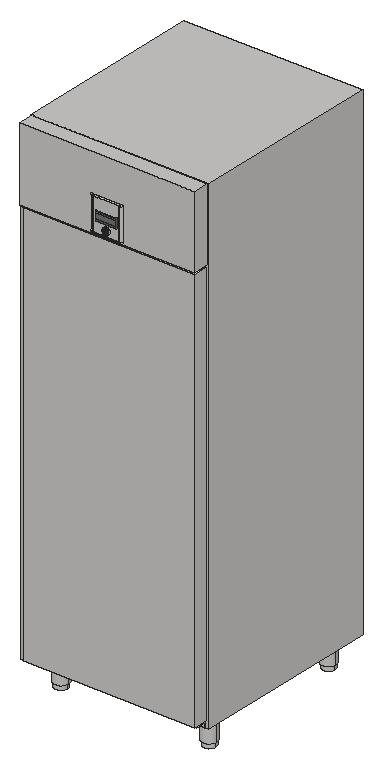
Revit family "QF_ELECTROLUXPROFESSIONAL_725391_REX71FRH", category Specialty Equipment, Revit 2018
Family settings
  Round Connector Dimension = Use Diameter
  Part Type = Normal
  Work Plane-Based = No
  Always vertical = Yes
  Cut with Voids When Loaded = No
  Shared = No
  Room Calculation Point = No
Parameters (values of type "Standard")
  Weight = 106.00 kg
  Watts = 0 W
  Volts = 220 V
  URL Manufacturer = "http://professional.electrolux.com"
  URL = "http://professional.electrolux.com"
  Steam Supply Size = 0 mm
  Steam Supply Minimum Pressure = 0.0 Pa
  Steam Supply Maximum Pressure = 0.0 Pa
  Steam Pounds per Hour = 0
  Refrigeration Suction Line Size = 0 mm
  Refrigeration Liquid Line Size = 0 mm
  Refrigerant Compressor Remote = yes
  Manufacturer = "Electrolux Professional"
  Phase = 1
  Model = "REX71FRH"
  Length Actual = 710 mm  # constant formula
  Item Number = "725391"
  Hot Water Size = 0 mm
  Height Actual = 2050 mm  # constant formula
  HP = "0.3 HP"
  Gas Size = 0 mm
  Gas KW = 0
  Gas Input Pressure = 0 W
  Direct Waste Size = 0 mm
  Description = "1-DOOR REFRIGERATOR 670L -2+10°C, DIGITAL WITH LIGHT, A304 - R290"
  Depth Actual = 835 mm  # constant formula
  Cycle = 50 Hz
  Condensate Return Size = 0 mm
  Compressed Air Volume = 0.0 L/s
  Compressed Air Size = 0 mm
  Compressed Air Pressure = 0.0 Pa
  Cold Water Size = 0 mm
  Accessory = yes
Reference planes
  plane 1 "Center (Front/Back)": y = 0
  plane 2: z = 0
  plane 3 "Center (Left/Right)": x = 0
  plane 4 "BASE": z = 110
  plane 5 "TOP": z = 2050
  plane 6 "FRONT": y = -417.5
  plane 7 "BACK": y = 417.5
  plane 8 "LEFT": x = -355
  plane 9 "RIGHT": x = 355
Forms (mm)
  Extrusion 1, solid, material "QF_Finishes_Stainless Steel"
    sketch origin (0, 0, 0) x (1, 0, 0) y (0, 1, 0)
      loop
        circle (-278, 344.5) r 25
      loop
        circle (278, 344.5) r 25
      loop
        circle (-295, -269.5) r 25
      loop
        circle (295, -269.5) r 25
    from 0 to 20
  Extrusion 2, solid, material "QF_Finishes_Stainless Steel"
    sketch origin (0, 0, 0) x (1, 0, 0) y (0, 1, 0)
      loop
        circle (-278, 344.5) r 30
      loop
        circle (278, 344.5) r 30
      loop
        circle (295, -269.5) r 30
      loop
        circle (-295, -269.5) r 30
    from 20 to 110
  Extrusion 3, solid, material "QF_Finishes_Stainless Steel"
    sketch origin (0, 0, 110) x (-1, 0, 0) y (0, -1, 0)
      loop
        line (355, -417.5) -> (355, 345.5) -> (-355, 345.5) -> (-355, -417.5) -> (355, -417.5)
    from 0 to 1940
  Extrusion 4, solid
    sketch origin (0, 417.5, 1660) x (-1, 0, 0) y (0, 0, 1)
      loop
        circle (339, 124) r 10
    from 0 to 3.2
  Extrusion 5, solid, material "QF_Door-Drawer Clearances", detail levels coarse
    sketch origin (0, 0, 110) x (-1, 0, 0) y (0, -1, 0)
      loop
        line (-347, 409.5) -> (-283, 409.5) -> (-283, 1006.5) -> (-301, 1006.5) -> (-301, 1024.5) -> (-323, 1024.5) -> (-323, 1062.5) -> (-347, 1062.5) -> (-347, 409.5)
    from 1642.965 to 28
  Extrusion 6, solid, material "QF_Door-Drawer Clearances", detail levels coarse
    sketch origin (0, 0, 110) x (-1, 0, 0) y (0, -1, 0)
      loop
        line (-283, 409.5) -> (347, 409.5)
        arc (347, 409.5) -> (150.684, 878.295) -> (-323, 1062.5) r 650
        line (-323, 1062.5) -> (-323, 1024.5) -> (-301, 1024.5) -> (-301, 1006.5) -> (-283, 1006.5) -> (-283, 409.5)
    from 1642.965 to 28
  Extrusion 7, solid, material "QF_Clearances", detail levels coarse
    sketch origin (0, 0, 110) x (-1, 0, 0) y (0, -1, 0)
      loop
        line (355, 417.5) -> (355, -417.5) -> (-355, -417.5) -> (-355, 417.5) -> (-375, 417.5) -> (-375, -447.5) -> (375, -447.5) -> (375, 417.5) -> (355, 417.5)
    from -110 to 1940
  Extrusion 8, solid, material "QF_Clearances", detail levels coarse
    sketch origin (0, 0, 2050) x (-1, 0, 0) y (0, -1, 0)
      loop
        line (375, -447.5) -> (375, 417.5) -> (-375, 417.5) -> (-375, -447.5) -> (375, -447.5)
    from 0 to 500
  Extrusion 9, void
    sketch origin (0, 417.5, 0) x (-1, 0, 0) y (0, 0, 1)
      loop
        line (280, 1724.965) -> (-280, 1724.965) -> (-280, 180) -> (0, 170) -> (280, 179.676) -> (280, 1724.965)
    from -56 to -763
  Extrusion 10, solid, material "QF_Finishes_Stainless Steel"
    sketch origin (0, 0, 110) x (-1, 0, 0) y (0, -1, 0)
      loop
        circle (0, 254.5) r 7.938
    from 0 to -10
Cuts and joins
  joined: Extrusion 7, Extrusion 8
  Extrusion 9 cuts Extrusion 3
Lines and regions (mm)
  symbolic lines, style "SpecialityEquipmentHiddenLines"
    curve 1: line (347, -409.5, 110) -> (347, -1062.5, 110)
    curve 2: line (347, -1062.5, 110) -> (323, -1062.5, 110)
    curve 3: line (283, -409.5, 110) -> (283, -1006.5, 110)
    curve 4: line (323, -1062.5, 110) -> (323, -1024.5, 110)
    curve 5: line (323, -1024.5, 110) -> (301, -1024.5, 110)
    curve 6: line (301, -1024.5, 110) -> (301, -1006.5, 110)
    curve 7: line (301, -1006.5, 110) -> (283, -1006.5, 110)
    curve 8: arc (-347, -409.5, 110) -> (-150.684, -878.295, 110) -> (323, -1062.5, 110) r 650
  symbolic lines, style "QF_Clearances", detail levels coarse
    curve 9: line (-355, -417.5, 2050) -> (-375, -417.5, 2050)
    curve 10: line (-375, -417.5, 2050) -> (-375, 447.5, 2050)
    curve 11: line (-375, 447.5, 2050) -> (375, 447.5, 2050)
    curve 12: line (375, 447.5, 2050) -> (375, -417.5, 2050)
    curve 13: line (375, -417.5, 2050) -> (355, -417.5, 2050)
Dimensions and locks
  equal spacing: plane 7 "BACK", plane 1 "Center (Front/Back)", plane 6 "FRONT"
  equal spacing: plane 8 "LEFT", plane 3 "Center (Left/Right)", plane 9 "RIGHT"
  plane 8 "LEFT" to plane 9 "RIGHT" = 710 mm
  plane 7 "BACK" to plane 6 "FRONT" = 835 mm
  plane 5 "TOP" to plane 2 = 2050 mm
  aligned and locked: level to plane 2
Automatic sketch dimensions
  Extrusion 3 sketch curve to plane 7 "BACK" = 0 mm
  Extrusion 3 sketch curve to plane 9 "RIGHT" = 0 mm
  Extrusion 3 sketch curve to plane 8 "LEFT" = 0 mm
  plane 8 "LEFT" to Extrusion 4 sketch curve = 16 mm
  plane 4 "BASE" to Extrusion 4 sketch curve = 1674 mm
  plane 9 "RIGHT" to curve 1 = 8 mm
  curve 1 to curve 2 = 24 mm
  plane 6 "FRONT" to curve 8 = 4.692 mm
  curve 7 to plane 6 "FRONT" = 589 mm
  curve 6 to curve 5 = 18 mm
  curve 4 to curve 2 = 38 mm
  plane 6 "FRONT" to curve 8 = 8 mm
  plane 6 "FRONT" to curve 1 = 8 mm
  plane 6 "FRONT" to curve 3 = 8 mm
  plane 9 "RIGHT" to Extrusion 5 sketch curve = 8 mm
  Extrusion 5 sketch curve to plane 6 "FRONT" = 589 mm
  Extrusion 5 sketch curve to Extrusion 5 sketch curve = 18 mm
  Extrusion 5 sketch curve to Extrusion 5 sketch curve = 38 mm
  plane 6 "FRONT" to Extrusion 5 sketch curve = 8 mm
  plane 6 "FRONT" to Extrusion 6 sketch curve = 4.692 mm
  Extrusion 6 sketch curve to Extrusion 6 sketch curve = 18 mm  (x2)
  Extrusion 6 sketch curve to Extrusion 6 sketch curve = 38 mm
  plane 8 "LEFT" to Extrusion 6 sketch curve = 8 mm
  plane 6 "FRONT" to Extrusion 6 sketch curve = 8 mm
  Extrusion 7 sketch curve to plane 6 "FRONT" = 0 mm  (x2)
  Extrusion 7 sketch curve to plane 7 "BACK" = 0 mm
  Extrusion 7 sketch curve to plane 9 "RIGHT" = 0 mm
  Extrusion 7 sketch curve to plane 8 "LEFT" = 0 mm
  Extrusion 7 sketch curve to plane 9 "RIGHT" = 20 mm
  Extrusion 7 sketch curve to plane 8 "LEFT" = 20 mm
  plane 7 "BACK" to Extrusion 7 sketch curve = 30 mm
  Extrusion 8 sketch curve to plane 6 "FRONT" = 0 mm
  Extrusion 8 sketch curve to plane 9 "RIGHT" = 20 mm
  Extrusion 8 sketch curve to plane 8 "LEFT" = 20 mm
  plane 7 "BACK" to Extrusion 8 sketch curve = 30 mm
  plane 8 "LEFT" to Extrusion 1 sketch curve = 60 mm
  plane 8 "LEFT" to Extrusion 1 sketch curve = 77 mm
  plane 9 "RIGHT" to Extrusion 1 sketch curve = 77 mm
  plane 9 "RIGHT" to Extrusion 1 sketch curve = 60 mm
  plane 6 "FRONT" to Extrusion 1 sketch curve = 148 mm  (x2)
  Extrusion 1 sketch curve to plane 7 "BACK" = 73 mm  (x2)
  plane 8 "LEFT" to Extrusion 2 sketch curve = 60 mm
  plane 8 "LEFT" to Extrusion 2 sketch curve = 77 mm
  plane 9 "RIGHT" to Extrusion 2 sketch curve = 77 mm
  plane 9 "RIGHT" to Extrusion 2 sketch curve = 60 mm
  plane 6 "FRONT" to Extrusion 2 sketch curve = 148 mm  (x2)
  Extrusion 2 sketch curve to plane 7 "BACK" = 73 mm  (x2)
  plane 6 "FRONT" to Extrusion 3 sketch curve = 72 mm
  curve 1 to curve 8 = 44.008 mm
  curve 4 to curve 5 = 22 mm
  curve 6 to curve 3 = 18 mm
  plane 9 "RIGHT" to Extrusion 5 sketch curve = 32 mm
  Extrusion 5 sketch curve to Extrusion 5 sketch curve = 22 mm
  Extrusion 5 sketch curve to Extrusion 5 sketch curve = 64 mm
  plane 9 "RIGHT" to Extrusion 6 sketch curve = 72 mm
  Extrusion 6 sketch curve to Extrusion 6 sketch curve = 19.992 mm
  Extrusion 6 sketch curve to Extrusion 6 sketch curve = 22 mm
  curve 13 to plane 6 "FRONT" = 0 mm
  curve 13 to plane 9 "RIGHT" = 0 mm
  curve 9 to plane 6 "FRONT" = 0 mm
  curve 9 to plane 8 "LEFT" = 0 mm
  curve 12 to plane 9 "RIGHT" = 20 mm
  curve 9 to curve 9 = 20 mm
  plane 7 "BACK" to curve 12 = 30 mm
  Extrusion 10 sketch curve to plane 3 "Center (Left/Right)" = 0 mm
  plane 6 "FRONT" to Extrusion 10 sketch curve = 163 mm
  Extrusion 9 sketch curve to plane 3 "Center (Left/Right)" = 0 mm
  plane 8 "LEFT" to Extrusion 9 sketch curve = 75 mm
  plane 4 "BASE" to Extrusion 9 sketch curve = 60 mm
  plane 4 "BASE" to Extrusion 9 sketch curve = 69.676 mm
  Extrusion 9 sketch curve to plane 5 "TOP" = 325.035 mm
  plane 9 "RIGHT" to Extrusion 9 sketch curve = 75 mm
  Extrusion 9 sketch curve to Extrusion 9 sketch curve = 0.324 mm
  radius of Extrusion 1 sketch curve = 25 mm  (x4)
  radius of Extrusion 2 sketch curve = 30 mm  (x4)
  radius of Extrusion 4 sketch curve = 10 mm
  radius of Extrusion 10 sketch curve = 7.938 mm
Nested families
  nested 1: "QF_727992_Door" at (0, -345.5, 968.365) x (1, 0, 0) z (0, -1, 0), type "QF_727992_Door"
    with Show Clearance yes
  nested 2: "Refrigerator" at (355, -417.5, 110), type "Refrigerator"
Connectors
  electrical at (-339, 420.7, 1784), driven by "Volts"
    settings: on Extrusion 4, index 2, voltage 220 V, apparent load 0 VA, apparent load phase1 0 VA, apparent load phase2 0 VA, apparent load phase3 0 VA, power factor 1, load classification "Other", number of poles 1, system type 30, power factor state 1, is connector primary yes, connector utility no, sub classification motor no, connector description "Electrical Connection"
  piping at (0, -254.5, 100), diameter 15.875
    settings: on Extrusion 10, index 3, connector inside diameter 609.6 mm, connector length 0 mm, flow factor 0, pipe flow 0.0 L/s, pressure drop 0.0 Pa, fitting loss kfactor 0, connector angle 0.00°, fixture units 0, engagement length 0 mm, angle of deflection 0.00°, flow configuration 1, flow direction 2, fitting loss method 0, system type 16, joint type 0, gender type 0, connector reference index -1, connector utility 0, adjustable connector no, is connector primary yes, connector description "Drain"
Definition of nested family "QF_727992_Door"
  Parameters
    Show Clearance [instance] = yes
    Model = "729040"
    Default Elevation = 0 mm
  Reference planes
    plane 1 "Center (Front/Back)": y = 0
    plane 2: z = 0
    plane 3 "Center (Left/Right)": x = 0
  Forms (mm)
    Extrusion 1, solid
      sketch origin (0, -919.2, 0) x (1, 0, 0) y (0, 1, 0)
        loop
          line (-460, 2119.2) -> (-460, -162.846) -> (488.967, -162.846) -> (488.967, 2119.2) -> (-460, 2119.2)
      from 0 to -59.546
    Extrusion 2, solid
      sketch origin (0, 0, 0) x (1, 0, 0) y (0, 0, 1)
        loop
          line (-347, 64) -> (-347, 0) -> (347, 0) -> (347, 64) -> (-347, 64)
      from -1081.6 to -791.6
    Extrusion 3, solid
      sketch origin (0, 0, 0) x (1, 0, 0) y (0, 0, 1)
        loop
          line (-347, 60) -> (-347, 26) -> (-325, 26) -> (-325, 8) -> (-307, 8) -> (-307, 0) -> (339, 0) -> (339, 8) -> (347, 8) -> (347, 64) -> (-332, 64) -> (-347, 60)
      from -784.6 to 830.4
    Extrusion 4, solid
      sketch origin (119, -516.365, 0) x (0, 1, 0) y (0, 0, 1)
        loop
          line (-323.003, 40.312) -> (-316.501, 40.312) -> (-316.501, 42.812) -> (-325.503, 42.812) -> (-325.503, 2.5) -> (-342, 2.5) -> (-342, 0) -> (-323.003, 0) -> (-323.003, 12.259) -> (-323.003, 40.312)
        loop
          line (-314, 38.311) -> (-316.501, 38.311) -> (-316.501, 14.304) -> (-319.752, 14.304) -> (-319.752, 11.804) -> (-314, 11.804) -> (-314, 38.311)
      from 185 to 220
    Extrusion 5, solid
      sketch origin (119, 469.597, 0) x (0, 1, 0) y (0, 0, 1)
        loop
          line (315.003, 27.948) -> (315.003, 2.948) -> (315.003, 0) -> (322.003, 0) -> (322.003, 2.5) -> (317.503, 2.5) -> (317.503, 27.948) -> (315.003, 27.948)
      from 185 to 220
  Lines and regions (mm)
    symbolic lines
      curve 1: line (-347, 0, 64) -> (347, 0, 64)
      curve 2: line (-347, 0, 0) -> (-347, 0, 64)
      curve 3: line (347, 0, 0) -> (-347, 0, 0)
      curve 4: line (347, 0, 64) -> (347, 0, 0)
      curve 5: line (-347, 0, 26) -> (-325, 0, 26)
      curve 6: line (-325, 0, 26) -> (-325, 0, 8)
      curve 7: line (-325, 0, 8) -> (-307, 0, 8)
      curve 8: line (-307, 0, 8) -> (-307, 0, 0)
      curve 9: line (339, 0, 8) -> (347, 0, 8)
      curve 10: line (339, 0, 8) -> (339, 0, 0)
  Dimensions and locks
    aligned and locked: plane 2 to Extrusion 1
    aligned and locked: level to Extrusion 1
  Nested families
    nested 1: "QF_DisplayStandardCabinets" at (0, 863.6, 64), type "QF_DisplayStandardCabinets"
      with Show Clearance yes
  Definition of nested family "QF_DisplayStandardCabinets"
    Parameters
      Show Clearance [instance] = yes
      Model = "728658"
      Default Elevation = 1219.2 mm
    Reference planes
      plane 1 "Center (Front/Back)": y = 0
      plane 2: z = 0
      plane 3 "Center (Left/Right)": x = 0
    Forms (mm)
      Extrusion 1, solid
        sketch origin (0, -919.2, 0) x (1, 0, 0) y (0, 1, 0)
          loop
            line (-198.75, 1146.2) -> (-198.75, 709.567) -> (165.741, 709.567) -> (165.741, 1146.2) -> (-198.75, 1146.2)
        from 0 to -59.546
      Extrusion 2, solid
        sketch origin (-59, -44.611, 0) x (0, 1, 0) y (-1, 0, 0)
          loop
            circle (0.611, -59) r 14
        from 5 to 7
      Extrusion 3, solid
        sketch origin (744.635, 320.889, 0) x (0, 1, 0) y (-1, 0, 0)
          loop
            circle (-364.889, 744.635) r 10
          loop
            circle (-364.889, 744.635) r 9
        from 5 to 8
      Extrusion 4, solid
        sketch origin (744.635, 320.889, 0) x (0, 1, 0) y (-1, 0, 0)
          loop
            circle (-364.889, 744.635) r 8.7
        from 5 to 8
      Extrusion 5, void
        sketch origin (744.635, 320.889, 0) x (0, 1, 0) y (-1, 0, 0)
          loop
            line (-372.339, 745.885) -> (-372.339, 743.385) -> (-362.339, 743.385) -> (-362.339, 745.885) -> (-372.339, 745.885)
        from 8.592 to 6.269
      Blend 6, solid
        base sketch origin (365.719, -803.635, 0) x (1, 0, 0) y (0, 1, 0)
          loop
            arc (-424.229, 873.635) -> (-428.653, 871.803) -> (-430.485, 867.38) r 6.255
            line (-430.485, 867.38) -> (-430.485, 739.89)
            arc (-430.485, 739.89) -> (-428.653, 735.467) -> (-424.229, 733.635) r 6.255
            line (-424.229, 733.635) -> (-307.728, 733.635)
            arc (-307.728, 733.635) -> (-303.305, 735.467) -> (-301.473, 739.89) r 6.255
            line (-301.473, 739.89) -> (-301.473, 867.38)
            arc (-301.473, 867.38) -> (-303.305, 871.803) -> (-307.728, 873.635) r 6.255
            line (-307.728, 873.635) -> (-424.229, 873.635)
        top sketch origin (365.719, -803.635, 0) x (1, 0, 0) y (0, 1, 0)
          loop
            line (-418.756, 738.326) -> (-313.201, 738.326) -> (-313.201, 868.943) -> (-418.756, 868.943) -> (-418.756, 738.326)
        from 0 to 4
      Extrusion 7, solid
        sketch origin (744.635, 320.889, 0) x (0, 1, 0) y (-1, 0, 0)
          loop
            line (-372.339, 745.885) -> (-372.339, 743.385) -> (-362.339, 743.385) -> (-362.339, 745.885) -> (-372.339, 745.885)
        from 6 to 8
      Extrusion 8, void
        sketch origin (0, 0, 0) x (1, 0, 0) y (0, 1, 0)
          loop
            line (-53.037, 65.309) -> (-53.037, -65.309) -> (52.518, -65.309) -> (52.518, 65.309) -> (-53.037, 65.309)
        from 5 to 2
      Extrusion 9, solid
        sketch origin (0, 0, 0) x (1, 0, 0) y (0, 1, 0)
          loop
            line (-51.473, 63.745) -> (-51.473, -63.745) -> (50.954, -63.745) -> (50.954, 63.745) -> (-51.473, 63.745)
        from 2.2 to 4
      Extrusion 10, solid
        sketch origin (0, -30, 0) x (0, 1, 0) y (0, 0, 1)
          loop
            line (10.404, 4) -> (17.404, 4) -> (17.404, 8)
            arc (17.404, 8) -> (13.868, 7.749) -> (10.404, 7) r 25
            line (10.404, 7) -> (10.404, 4)
          loop
            arc (47.404, 7) -> (43.939, 7.749) -> (40.404, 8) r 25
            line (40.404, 8) -> (40.404, 4) -> (47.404, 4) -> (47.404, 7)
        from 40 to -40
      Extrusion 11, solid
        sketch origin (0, -30, 0) x (1, 0, 0) y (0, 1, 0)
          loop
            line (-40, 40.404) -> (-40, 17.404) -> (40, 17.404) -> (40, 40.404) -> (-40, 40.404)
        from 8 to 4
    Cuts and joins
      Extrusion 5 cuts Extrusion 4
      Extrusion 8 cuts Blend 6
      joined: Extrusion 10, Extrusion 11
    Lines and regions (mm)
      Split face 1
        outline origin (-41, 10.404, 8) x (-1, 0, 0) y (0, -1, 0)
          loop
            line (-72.157, 0.05) -> (-72.157, 10.5) -> (-78.157, 10.5) -> (-78.157, 0.05) -> (-72.157, 0.05)
      Split face 2
        outline origin (-50, 10.404, 8) x (-1, 0, 0) y (0, -1, 0)
          loop
            line (-72.157, 0.05) -> (-72.157, 10.5) -> (-78.157, 10.5) -> (-78.157, 0.05) -> (-72.157, 0.05)
      Split face 3
        outline origin (-50, 10.404, 8) x (-1, 0, 0) y (0, -1, 0)
          loop
            line (-72.157, 12.45) -> (-72.157, 22.9) -> (-78.157, 22.9) -> (-78.157, 12.45) -> (-72.157, 12.45)
      Split face 4
        outline origin (-50, 10.404, 8) x (-1, 0, 0) y (0, -1, 0)
          loop
            line (-81.157, 12.45) -> (-81.157, 22.9) -> (-87.157, 22.9) -> (-87.157, 12.45) -> (-81.157, 12.45)
      Split face 5
        outline origin (-50, 10.404, 8) x (-1, 0, 0) y (0, -1, 0)
          loop
            line (-13, 0.1) -> (-13, 22.9) -> (-69, 22.9) -> (-69, 0.1) -> (-13, 0.1)
      symbolic lines
        curve 1: line (52.518, 0, 4) -> (-53.037, 0, 4)
        curve 2: line (40, 0, 4) -> (40, 0, 8)
        curve 3: line (40, 0, 8) -> (-40, 0, 8)
        curve 4: line (-40, 0, 8) -> (-40, 0, 4)
        curve 5: line (-64.765, 0, 0) -> (-53.037, 0, 4)
        curve 6: line (52.518, 0, 4) -> (64.135, 0, 0)
    Dimensions and locks
      aligned and locked: plane 2 to Extrusion 1
      aligned and locked: level to Extrusion 1
Definition of nested family "Refrigerator"
  Reference planes
    plane 1 "Center (Front/Back)": y = 0
    plane 2: z = 0
    plane 3 "Center (Left/Right)": x = 0
  Lines and regions (mm)
    detail lines, in view "Ref. Level"
      curve 1: spline (-500, 190, 0) -> (-493.185, 166.706, 0) -> (-473.205, 145, 0) -> (-441.421, 126.36, 0) -> (-400, 112.058, 0) -> (-351.764, 103.067, 0) -> (-300, 100, 0) -> (-248.236, 103.067, 0) -> (-200, 112.058, 0) -> (-158.579, 126.36, 0) -> (-126.795, 145, 0) -> (-106.815, 166.706, 0) -> (-100, 190, 0) -> (-106.815, 213.294, 0) -> (-126.795, 235, 0) -> (-158.579, 253.64, 0) -> (-200, 267.942, 0) -> (-248.236, 276.933, 0) -> (-300, 280, 0) -> (-351.764, 276.933, 0) -> (-400, 267.942, 0) -> (-441.421, 253.64, 0) -> (-473.205, 235, 0) -> (-493.185, 213.294, 0) -> (-500, 190, 0)
      curve 2: line (-300, 130, 0) -> (-300, 250, 0)
      curve 3: line (-351.962, 220, 0) -> (-248.038, 160, 0)
      curve 4: line (-351.962, 160, 0) -> (-248.038, 220, 0)
      curve 5: line (-280.884, 246.873, 0) -> (-300, 225, 0)
      curve 6: line (-300, 225, 0) -> (-319.116, 246.873, 0)
      curve 7: line (-330.311, 207.5, 0) -> (-339.696, 234.992, 0)
      curve 8: line (-358.812, 201.882, 0) -> (-330.311, 207.5, 0)
      curve 9: line (-330.311, 172.5, 0) -> (-358.812, 178.118, 0)
      curve 10: line (-339.696, 145.008, 0) -> (-330.311, 172.5, 0)
      curve 11: line (-300, 155, 0) -> (-319.116, 133.127, 0)
      curve 12: line (-280.884, 133.127, 0) -> (-300, 155, 0)
      curve 13: line (-269.689, 172.5, 0) -> (-260.304, 145.008, 0)
      curve 14: line (-241.188, 178.118, 0) -> (-269.689, 172.5, 0)
      curve 15: line (-269.689, 207.5, 0) -> (-241.188, 201.882, 0)
      curve 16: line (-260.304, 234.992, 0) -> (-269.689, 207.5, 0)
